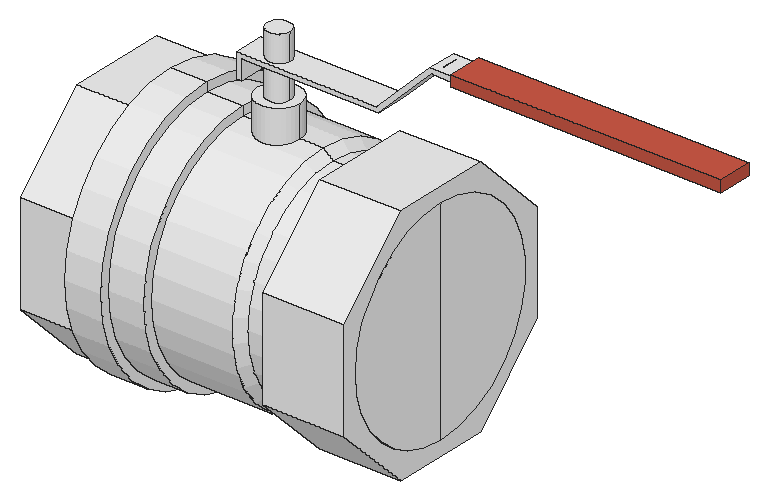
Revit family "DONE-2019_Valvula_Arco_Sena", category Pipe Accessories, Revit 2019
Family settings
  Round Connector Dimension = Use Radius
  Part Type = Valve - Breaks Into
  OmniClass Number = 23.65.55.14.21
  OmniClass Title = Non-Return Valves for Liquid Services
  Work Plane-Based = No
  Always vertical = Yes
  Cut with Voids When Loaded = No
  Shared = No
Parameters (values of type "4H x 4H")
  URL = "www.valvulasarco.com"
  Radio Nominal = Diámetro Nominal / 2  # 50.8 mm
  OCT = not(HEX)  # yes
  Model = "150111"
  Material = Jatón Europeo CW617N - Chromado
  Manufacturer = "Vávulas Arco S.L"  # constant formula
  HEX = D < 40 mm  # no
  E = 101.6 mm
  Diámetro Nominal = E  # 101.6 mm
  Description = "Válvula Sena mando palanca H-H"  # constant formula
  Cost = 176.88
  Ancho Símbolo = 15.011 mm
  Radio Exterior = Diámetro Exterior / 2  # 60 mm
  Diámetro Exterior = D  # 120 mm
  K Coefficient = 0.35
  D = 120 mm
  Radio Tuerca = Radio Exterior * 1.05  # 63 mm
  C = 124 mm
  B = 238 mm
  A = 169 mm
Types (11, lengths in mm): name | Radio Nominal | OCT | Model | HEX | E | Diámetro Nominal | Cost | Radio Exterior | Diámetro Exterior | D | Radio Tuerca | C | B | A
  4H x 4H | 50.8 | yes | "150111" | no | 101.6 | 101.6 | 176.88 | 60 | 120 | 120 | 63 | 124 | 238 | 169
  3H x 3H | 38.1 | yes | "150110" | no | 76.2 | 76.2 | 112.02 | 48 | 96 | 96 | 50.4 | 116 | 238 | 152
  2Â½H x 2Â½H | 31.75 | yes | "150109" | no | 63.5 | 63.5 | 60.42 | 41 | 82 | 82 | 43.05 | 90 | 173 | 134
  2H x 2H | 25.4 | yes | "150108" | no | 50.8 | 50.8 | 31.12 | 33.5 | 67 | 67 | 35.175 | 81 | 153 | 107
  1Â½H x 1Â½H | 19.05 | yes | "150107" | no | 38.1 | 38.1 | 20.12 | 27 | 54 | 54 | 28.35 | 74 | 153 | 90
  1Â¼H x 1Â¼H | 15.9 | yes | "150106" | no | 31.8 | 31.8 | 13.49 | 23.5 | 47 | 47 | 24.675 | 66 | 113 | 76
  1H x 1H | 12.7 | no | "150105" | yes | 25.4 | 25.4 | 8.9 | 18.5 | 37 | 37 | 19.425 | 61 | 113 | 67
  3/4H x 3/4H | 9.55 | no | "150104" | yes | 19.1 | 19.1 | 5.48 | 15 | 30 | 30 | 15.75 | 53 | 93 | 57
  1/2H x 1/2H | 6.35 | no | "150103" | yes | 12.7 | 12.7 | 3.7 | 12.5 | 25 | 25 | 13.125 | 49 | 93 | 48
  3/8H x 3/8H | 4.75 | no | "150102" | yes | 9.5 | 9.5 | 3.21 | 8.5 | 17 | 17 | 8.925 | 40 | 70 | 44
  1/4H x 1/4H | 3.2 | no | "150101" | yes | 6.4 | 6.4 | 3.48 | 8.5 | 17 | 17 | 8.925 | 40 | 70 | 44
Reference planes
  plane 1 "Center (Front/Back)": y = 0
  plane 2: z = 0
  plane 3 "Center (Left/Right)": x = 0
  plane 4 "I": x = -84.5
  plane 5 "O": x = 84.5
  plane 6: z = 124
  plane 7: z = -60
  plane 8: y = 60
  plane 9: y = -60
  plane 10: x = 238
  plane 11: z = -50.8
  plane 12: x = -28.167
  plane 13: x = 28.167
Forms (mm)
  Extrusion 1, solid, material "Jatón Europeo CW617N - Chromado" <- "Material", detail levels fine
    sketch origin (0, 0, 0) x (1, 0, 0) y (0, 1, 0)
      loop
        circle (0, 0) r 6
    from 76 to 108
  Revolve 2, solid, material "Jatón Europeo CW617N - Chromado" <- "Material", detail levels fine
    sketch origin (0, 0, 0) x (1, 0, 0) y (0, 0, 1)
      loop
        line (84.5, -55.4) -> (84.5, 0) -> (-84.5, 0) -> (-84.5, -50.8) -> (-56.333, -50.8) -> (-56.333, -69.2) -> (-37.556, -69.2) -> (-37.556, -64.6) -> (-18.778, -64.6) -> (-18.778, -60) -> (23.567, -60) -> (28.167, -55.4) -> (84.5, -55.4)
      axis (-84.5, 0) -> (84.5, 0)
    angle from 0 to 360
  Extrusion 3, solid, material "Jatón Europeo CW617N - Chromado" <- "Material", detail levels fine
    sketch origin (-80, 0, 0) x (1, 0, 0) y (0, 1, 0)
      loop
        circle (80, 0) r 11
    from 0 to 76
  Extrusion 4, solid, material "Jatón Europeo CW617N - Chromado" <- "Material", visible <- "HEX", detail levels fine
    sketch origin (-84.5, 0, 0) x (0, 1, 0) y (0, 0, 1)
      loop
        line (36.373, -63) -> (72.746, 0) -> (36.373, 63) -> (-36.373, 63) -> (-72.746, 0) -> (-36.373, -63) -> (36.373, -63)
    from 0 to 169
  Extrusion 5, void
    sketch origin (0, 0, 0) x (0, -1, 0) y (0, 0, 1)
      loop
        line (-110.8, 174.8) -> (-110.8, -110.8) -> (110.8, -110.8) -> (110.8, 174.8) -> (-110.8, 174.8)
    from -42.25 to 56.333
  Sweep 6, solid, material "Jatón Europeo CW617N - Chromado" <- "Material", detail levels fine
    path origin (0, 0, 0) x (1, 0, 0) y (0, 0, 1)
      loop
        line (97.2, 119.7) -> (86.386, 119.7) -> (58.686, 92) -> (-13.125, 92) -> (-13.125, 81.8)
    profile origin (91.793, 0, 119.7) x (0, 0, -1) y (0, -1, 0)
      loop
        line (-2.5, -7.75) -> (0, -7.75) -> (0, 7.75) -> (-2.5, 7.75) -> (-2.5, -7.75)
  Extrusion 7, solid, material "Color Rojo", detail levels fine
    sketch origin (84.5, 552.765, 1219.2) x (0, 1, 0) y (0, 0, 1)
      loop
        line (-543.765, -1101.25) -> (-543.765, -1095.2) -> (-561.765, -1095.2) -> (-561.765, -1101.25) -> (-543.765, -1101.25)
    from 12.7 to 153.5
  Extrusion 8, solid, material "Jatón Europeo CW617N - Chromado" <- "Material", visible <- "OCT", detail levels fine
    sketch origin (-84.5, 0, 0) x (0, 1, 0) y (0, 0, 1)
      loop
        line (26.095, -63) -> (63, -26.095) -> (63, 26.095) -> (26.095, 63) -> (-26.095, 63) -> (-63, 26.095) -> (-63, -26.095) -> (-26.095, -63) -> (26.095, -63)
    from 0 to 169
Cuts and joins
  Extrusion 5 cuts Extrusion 4
  Extrusion 5 cuts Extrusion 8
Lines and regions (mm)
  model lines, detail levels coarse+medium
    curve 1: line (-84.5, 60, 0) -> (84.5, -60, 0)
    curve 2: line (-84.5, 60, 0) -> (-84.5, -60, 0)
    curve 3: line (84.5, 60, 0) -> (84.5, -60, 0)
    curve 4: line (-84.5, -60, 0) -> (84.5, 60, 0)
  reference lines
    curve 5: line (269.299, 0, 60) -> (-116.201, 0, 60)
    curve 6: line (269.299, 0, 92) -> (-116.201, 0, 92)
Dimensions and locks
  "A": plane 4 "I" to plane 5 "O"
  "C": plane 6 to plane 2
  "Radio Exterior": plane 2 to plane 7
  "Radio Exterior": plane 8 to plane 1 "Center (Front/Back)"
  "Radio Exterior": plane 1 "Center (Front/Back)" to plane 9
  equal spacing: plane 4 "I", plane 3 "Center (Left/Right)", plane 5 "O"
  "B": plane 10 to plane 3 "Center (Left/Right)"
  "Radio Nominal": plane 2 to plane 11
  equal spacing: plane 5 "O", plane 13, plane 12, plane 4 "I"
  equal spacing: plane 11, Revolve 2 sketch curve, plane 7
  equal spacing: plane 11, plane 7, Revolve 2 sketch curve
  equal spacing: plane 12, Revolve 2 sketch curve, plane 4 "I"
  equal spacing: plane 7, Revolve 2 sketch curve, Revolve 2 sketch curve
  equal spacing: Revolve 2 sketch curve, Revolve 2 sketch curve, Revolve 2 sketch curve, plane 3 "Center (Left/Right)"
  "Radio Tuerca": plane 2 to Extrusion 4 sketch curve
  "Radio Tuerca": Extrusion 4 sketch curve to plane 2
  "Radio Tuerca": Extrusion 3 to Extrusion 4 sketch curve  (x4)
  plane 5 "O" to plane 3 "Center (Left/Right)" = 84.5 mm
  equal spacing: plane 5 "O", Extrusion 5, plane 3 "Center (Left/Right)"
  "Radio Nominal": Extrusion 5 sketch curve to plane 8
  "Radio Nominal": plane 9 to Extrusion 5 sketch curve
  "Radio Nominal": Extrusion 5 sketch curve to plane 6
  "Radio Nominal": plane 7 to Extrusion 5 sketch curve
  locked: plane 6 to Sweep 6 sketch curve at 4.3
  Sweep 6 sketch curve to Sweep 6 sketch curve to plane 5 "O" = 10.814 mm locked, 1.886 mm locked
  locked: plane 3 "Center (Left/Right)" to Sweep 6 sketch curve at 13.125
  locked: plane 6 to Extrusion 7 sketch curve at 6.05
  locked: Extrusion 7 sketch curve to plane 1 "Center (Front/Back)" at 9
  locked: plane 1 "Center (Front/Back)" to Extrusion 7 sketch curve at 9
  "Radio Exterior": curve 5 to plane 2
  equal spacing: plane 6, curve 6, curve 5
  equal spacing: curve 6, Extrusion 3, curve 5
  equal spacing: Extrusion 1, curve 6, Extrusion 3
  locked: curve 6 to Sweep 6 sketch curve at 10.2
  "Radio Tuerca": plane 2 to Extrusion 8 sketch curve
  "Radio Tuerca": Extrusion 8 sketch curve to plane 2
  "Radio Tuerca": Extrusion 8 sketch curve to plane 1 "Center (Front/Back)"
  "Radio Tuerca": plane 1 "Center (Front/Back)" to Extrusion 8 sketch curve
  "Radio Tuerca": Extrusion 3 to Extrusion 8 sketch curve  (x4)
  radius of Extrusion 1 sketch curve = 6 mm
  locked: Revolve 2 sketch curve to plane 13 (angle 45.00°)
  locked: Extrusion 4 sketch curve to Extrusion 4 sketch curve (angle 120.00°)  (x4)
  locked: Sweep 6 sketch curve to plane 5 "O" (angle 45.00°)
  locked: Extrusion 8 sketch curve to Extrusion 8 sketch curve (angle 135.00°)  (x4)
  aligned and locked: plane 1 "Center (Front/Back)" to Extrusion 1 sketch curve
  aligned and locked: plane 3 "Center (Left/Right)" to Extrusion 1 sketch curve
  aligned and locked: plane 8 to curve 1
  aligned and locked: plane 9 to curve 1
  aligned and locked: plane 5 "O" to curve 1
  aligned and locked: plane 9 to curve 2
  aligned and locked: curve 2 to plane 4 "I"
  aligned and locked: plane 8 to curve 3
  aligned and locked: curve 3 to plane 5 "O"
  aligned and locked: Revolve 2 sketch curve to plane 2
  aligned and locked: Revolve 2 sketch curve to Revolve 2 sketch curve
  aligned and locked: plane 4 "I" to Revolve 2 sketch curve
  aligned and locked: plane 1 "Center (Front/Back)" to Extrusion 3 sketch curve
  aligned and locked: plane 3 "Center (Left/Right)" to Extrusion 3 sketch curve
  aligned and locked: Extrusion 3 to plane 2
  aligned and locked: plane 13 to Revolve 2 sketch curve
  aligned and locked: plane 7 to Revolve 2 sketch curve
  aligned and locked: Extrusion 1 to Extrusion 3
  aligned and locked: Extrusion 4 to plane 4 "I"
  aligned and locked: plane 5 "O" to Extrusion 4
  aligned and locked: Extrusion 5 to Revolve 2
  aligned and locked: plane 6 to Extrusion 7 sketch curve
  aligned and locked: curve 6 to Sweep 6 sketch curve
  aligned and locked: Extrusion 7 to Sweep 6
  aligned and locked: plane 10 to Extrusion 7
  aligned and locked: cut or joined group of Extrusion 5, Extrusion 8 to plane 4 "I"
  aligned and locked: plane 5 "O" to cut or joined group of Extrusion 5, Extrusion 8
  aligned and locked: Revolve 2 sketch curve to plane 11
Automatic sketch dimensions
  Sweep 6 sketch curve to profile plane = 0 mm
  Sweep 6 sketch curve to Sweep 6 sketch curve = 2.5 mm
  Sweep 6 sketch curve to plane 1 "Center (Front/Back)" = 7.75 mm
  plane 1 "Center (Front/Back)" to Sweep 6 sketch curve = 7.75 mm
  curve 5 to plane 4 "I" = 31.701 mm
  curve 6 to curve 5 = 0 mm  (x2)
  plane 10 to curve 6 = 31.299 mm
  Revolve 2 sketch curve to plane 5 "O" = 0 mm
  Revolve 2 sketch curve to plane 4 "I" = 1476 mm
  plane 10 to Revolve 2 sketch curve = 1558.773 mm
  radius of Extrusion 3 sketch curve = 11 mm
Connectors
  piping at (-84.5, 0, 0), diameter 101.6, driven by "Radio Nominal"
    settings: on Revolve 2, index 1, connector inside diameter 609.6 mm, connector length 0 mm, flow factor 0, pipe flow 0.0 L/s, pressure drop 0.0 Pa, fitting loss kfactor 0, connector angle 0.00°, fixture units 0, engagement length 0 mm, angle of deflection 0.00°, flow configuration 0, flow direction 1, fitting loss method 0, system type 29, joint type 0, gender type 0, connector reference index -1, connector utility 0, adjustable connector no, is connector primary yes, connector description "Suministro"
  piping at (84.5, 0, 0), diameter 101.6, driven by "Radio Nominal"
    settings: on Revolve 2, index 2, connector inside diameter 609.6 mm, connector length 0 mm, flow factor 0, pipe flow 0.0 L/s, pressure drop 0.0 Pa, fitting loss kfactor 0, connector angle 0.00°, fixture units 0, engagement length 0 mm, angle of deflection 0.00°, flow configuration 0, flow direction 2, fitting loss method 0, system type 29, joint type 0, gender type 0, connector reference index -1, connector utility 0, adjustable connector no, is connector primary no, connector description ""
